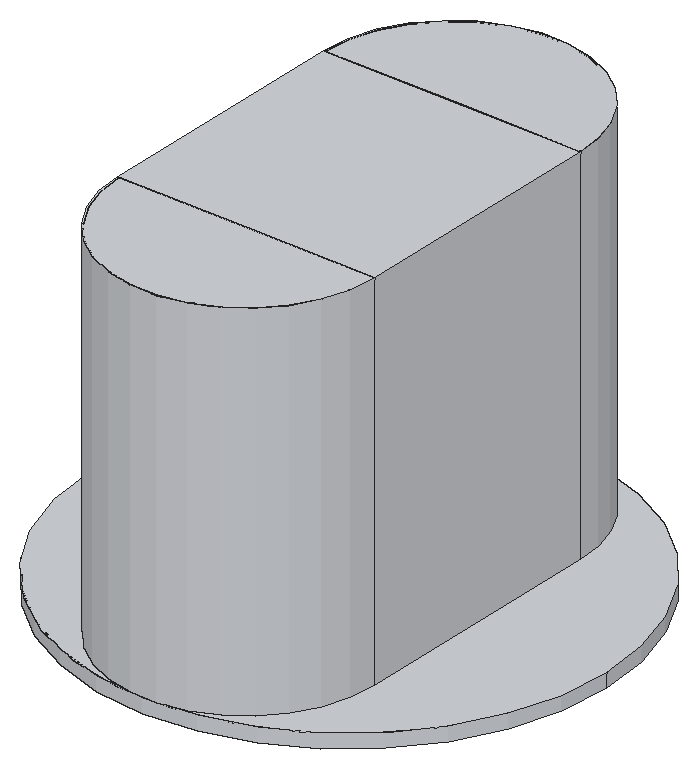
Revit family "KG_D_Anbaulautsprecher_V1700", category Kommunikationsgeräte, Revit 2017
Family settings
  Beschriftungsausrichtung beibehalten = Nein
  Bemaßung runder Anschluss = Durchmesser verwenden
  Teiletyp = Normal
  OmniClass-Nummer = 23.85.50.00
  OmniClass-Titel = Communication Systems
  Arbeitsebenenbasiert = Nein
  Immer vertikal = Ja
  Beim Laden mit Abzugskörper schneiden = Ja
  Gemeinsam genutzt = Nein
  Raumberechnungspunkt = Nein
Parameters (values of type "Trichterlautsprecher")
  pbr_Material_KZ = ""
  pbr_Material = none
  pbr_E_Typ = ""
  pbr_E_KZ = ""
  pbr_DINBild = 0
  pbr_Bild = 0
  pbr_3Dx_Delta_Korrekturversatz [instance] = 0 mm
  pbr_3DX_Versatzfaktor [instance] = 0
  pbr_2DY_Versatzfaktor [instance] = 0
  pbr_2DX_Versatzfaktor [instance] = 0
  lfd_STRK [instance] = 0
  cpiFitMatchKey [instance] = "E-AuV LSD"  # constant formula
  Zentrale [instance] = ""
  YFrontversatz [instance] = if(pbr_2DY_Versatzfaktor = 300, 0 mm, pbr_2DY_Versatzfaktor * 300 mm)  # 0 mm
  XSeitenversatz [instance] = if(pbr_2DX_Versatzfaktor = 0, 3000 mm, 3000 mm + (pbr_2DX_Versatzfaktor * 300 mm)) + Eckversatz  # 3000 mm
  X3Dversatz [instance] = 0 mm
  Typ [instance] = ""
  Trichterlautsprecher = yes
  Text3 [instance] = ""
  Text2 [instance] = ""
  Text1 [instance] = ""
  Planungsbüro Rohling = "www.pbr.de"
  Netzart = ""
  Menge(Dosenzahl) [instance] = 0
  Linie/Anschluss [instance] = ""
  Linie [instance] = ""
  Lautsprecherampel = no
  Lautsprecher abgehängte Decke = no
  Niveau [instance] = 3000 mm
  Lautsprecher Anbau B (SPA) = no
  Lautsprecher Anbau A  (SPA) = no
  Lautsprecher (SPA) = no
  Lastklassifizierung = none
  Installationsart [instance] = ""
  Info [instance] = ""
  Gewerk [instance] = "SPA"
  Eckversatz = 0 mm
  Designlautsprecher = no
  Bus [instance] = ""
  Betriebsstrom ruhe [instance] = 0
  Betriebsstrom max [instance] = 0
  3DX_Versatzkontrolle [instance] = if(pbr_3DX_Versatzfaktor = 0, (pbr_2DX_Versatzfaktor * -1), (((-1 * pbr_3DX_Versatzfaktor) + pbr_2DX_Versatzfaktor) * -1))  # 0
  3DX_Versatz [instance] = 0 mm
Types (7, lengths in mm): name | Trichterlautsprecher | Lautsprecherampel | Lautsprecher abgehängte Decke | Lautsprecher Anbau B (SPA) | Lautsprecher Anbau A  (SPA) | Lautsprecher (SPA) | Designlautsprecher
  Design_Lautsprecher | no | no | no | no | no | no | yes
  Lautsprecher_abgeh_Decke | no | no | yes | no | no | no | no
  Lautsprecherampel | no | yes | no | no | no | no | no
  Trichterlautsprecher | yes | no | no | no | no | no | no
  Lautsprecher | no | no | no | no | no | yes | no
  Lautsprecher_Anbau_A | no | no | no | no | yes | no | no
  Lautsprecher_Anbau_B | no | no | no | yes | no | no | no
Reference planes
  plane 1 "Mitte (Vorne/Hinten)": y = 0
  plane 2: z = 0
  plane 3 "Mitte (Links/Rechts)": x = 0
  plane 4 "Schalterhinten": y = 0
  plane 5: x = -3000
  plane 6: x = 0
  plane 7: x = -2000
  plane 8: z = 3040
  plane 9: z = 2960
  plane 10 "3DSchalterMitte": x = 0
  plane 11 "Niveaulage": z = 3000
  plane 12: z = 3020
  plane 13: z = 2980
Lines and regions (mm)
  model lines, not visible
    curve 1: line (-125, 0, 0) -> (125, 0, 0)
Dimensions and locks
  locked: plane 5 to plane 6 at 3000
  plane 5 to plane 3 "Mitte (Links/Rechts)" = 3000 mm
  locked: plane 1 "Mitte (Vorne/Hinten)" to plane 4 "Schalterhinten"
  plane 8 to plane 9 = 80 mm
  plane 6 to plane 7 = 2000 mm
  locked: plane 10 "3DSchalterMitte" to plane 7 at 2000
  equal spacing: plane 8, plane 11 "Niveaulage", plane 9
  "Niveau": plane 11 "Niveaulage" to level
  plane 8 to plane 12 = 20 mm
  plane 13 to plane 9 = 20 mm
  aligned and locked: level to plane 2
  aligned and locked: curve 1 to plane 4 "Schalterhinten"
  aligned and locked: plane 10 "3DSchalterMitte" to nested 1
  aligned and locked: plane 1 "Mitte (Vorne/Hinten)" to nested 1
  aligned and locked: nested 1 to plane 11 "Niveaulage"
  aligned and locked: plane 3 "Mitte (Links/Rechts)" to nested 2
  aligned and locked: plane 1 "Mitte (Vorne/Hinten)" to nested 2
  aligned and locked: plane 3 "Mitte (Links/Rechts)" to nested 4
  aligned and locked: plane 1 "Mitte (Vorne/Hinten)" to nested 4
  aligned and locked: plane 3 "Mitte (Links/Rechts)" to nested 3
  aligned and locked: plane 1 "Mitte (Vorne/Hinten)" to nested 3
  aligned and locked: plane 3 "Mitte (Links/Rechts)" to nested 5
  aligned and locked: plane 1 "Mitte (Vorne/Hinten)" to nested 5
  aligned and locked: plane 3 "Mitte (Links/Rechts)" to nested 6
  aligned and locked: plane 1 "Mitte (Vorne/Hinten)" to nested 6
  aligned and locked: plane 3 "Mitte (Links/Rechts)" to nested 7
  aligned and locked: plane 1 "Mitte (Vorne/Hinten)" to nested 7
  aligned and locked: plane 3 "Mitte (Links/Rechts)" to nested 8
  aligned and locked: plane 1 "Mitte (Vorne/Hinten)" to nested 8
Automatic sketch dimensions
  plane 3 "Mitte (Links/Rechts)" to curve 1 = 125 mm
  curve 1 to plane 3 "Mitte (Links/Rechts)" = 125 mm
Nested families
  nested 1: "_E_CAx Modell Lautsprecher Deckeneinbau" at (0, 0, 3219), type "_E_CAx Modell Lautsprecher Deckeneinbau"
  nested 2: "Designlautsprecher" at (0, 0, 0), visible <- "Designlautsprecher", type "Designlautsprecher"
  nested 3: "Lautsprecher (ELA)" at (0, 0, 0), visible <- "Lautsprecher (SPA)", type "Lautsprecher (ELA)"
  nested 4: "Einbau-Lautsprecher abgeh Decke" at (0, 0, 0), visible <- "Lautsprecher abgehängte Decke", type "Einbau-Lautsprecher abgeh Decke"
  nested 5: "Lautsprecher Anbau Typ A" at (0, 0, 0), visible <- "Lautsprecher Anbau A  (SPA)", type "Lautsprecher Anbau Typ A"
  nested 6: "Lautsprecher Anbau Typ B" at (0, 0, 0), visible <- "Lautsprecher Anbau B (SPA)", type "Lautsprecher Anbau Typ B"
  nested 7: "Lautsprecherampel" at (0, 0, 0), visible <- "Lautsprecherampel", type "Lautsprecherampel"
  nested 8: "Trichterlautsprecher" at (0, 0, 0), visible <- "Trichterlautsprecher", type "Trichterlautsprecher"
Connectors
  electrical at (0, 0, 3219)
    settings: on nested 1, index 1, voltage 0 V, apparent load 0 VA, apparent load phase1 0 VA, apparent load phase2 0 VA, apparent load phase3 0 VA, power factor 1, load classification "Sonstige", number of poles 1, system type 14, power factor state 1, is connector primary yes, connector utility no, sub classification motor no, connector description ""
Definition of nested family "_E_CAx Modell Lautsprecher Deckeneinbau"
  Reference planes
    plane 1 "Mitte (Vorne/Hinten)": y = 0
    plane 2: z = 0
    plane 3 "Mitte (Links/Rechts)": x = 0
  Forms (mm)
    Extrusion 1, solid
      sketch origin (0, 0, -217) x (1, 0, 0) y (0, 1, 0)
        loop
          circle (0, 0) r 147.5
      from 0 to 8
    Extrusion 2, solid
      sketch origin (0, 0, -219) x (1, 0, 0) y (0, 1, 0)
        loop
          circle (0, 0) r 118
      from 0 to 2
    Extrusion 3, solid
      sketch origin (-73.75, -73.75, 0) x (0, 1, 0) y (0, 0, 1)
        loop
          line (0, 0) -> (0, -209) -> (147.5, -209) -> (147.5, 0) -> (0, 0)
      from 0 to 147.5
    Extrusion 4, solid
      sketch origin (73.75, 73.75, 0) x (1, 0, 0) y (0, 1, 0)
        loop
          arc (0, 0) -> (-73.75, 73.75) -> (-147.5, 0) r 73.75
          line (-147.5, 0) -> (-73.75, 0) -> (0, 0)
      from -0.1 to 0.1
    Extrusion 5, solid
      sketch origin (-73.75, -73.75, 0) x (1, 0, 0) y (0, 1, 0)
        loop
          arc (0, 0) -> (73.75, -73.75) -> (147.5, 0) r 73.75
          line (147.5, 0) -> (73.75, 0) -> (0, 0)
      from -0.1 to 0.1
    Extrusion 6, solid
      sketch origin (73.75, 73.75, -209) x (1, 0, 0) y (0, 1, 0)
        loop
          arc (0, 0) -> (-73.75, 73.75) -> (-147.5, 0) r 73.75
          line (-147.5, 0) -> (-146.7, 0)
          arc (-146.7, 0) -> (-73.75, 72.95) -> (-0.8, 0) r 72.95
          line (-0.8, 0) -> (0, 0)
      from 0 to 209
    Extrusion 7, solid
      sketch origin (-73.75, -73.75, -209) x (1, 0, 0) y (0, 1, 0)
        loop
          arc (0, 0) -> (73.75, -73.75) -> (147.5, 0) r 73.75
          line (147.5, 0) -> (146.7, 0)
          arc (146.7, 0) -> (73.75, -72.95) -> (0.8, 0) r 72.95
          line (0.8, 0) -> (0, 0)
      from 0 to 209
  Lines and regions (mm)
    model lines
      curve 1: arc (73.75, 73.75, -209) -> (0, 147.5, -209) -> (-73.75, 73.75, -209) r 73.75
      curve 2: arc (-72.95, 73.75, -209) -> (0, 146.7, -209) -> (72.95, 73.75, -209) r 72.95
      curve 3: line (-73.75, 73.75, -209) -> (-72.95, 73.75, -209)
      curve 4: line (72.95, 73.75, -209) -> (73.75, 73.75, -209)
      curve 5: arc (-73.75, -73.75, -209) -> (0, -147.5, -209) -> (73.75, -73.75, -209) r 73.75
      curve 6: arc (72.95, -73.75, -209) -> (0, -146.7, -209) -> (-72.95, -73.75, -209) r 72.95
      curve 7: line (73.75, -73.75, -209) -> (72.95, -73.75, -209)
      curve 8: line (-72.95, -73.75, -209) -> (-73.75, -73.75, -209)
  Dimensions and locks
    aligned and locked: level to plane 2
Definition of nested family "Designlautsprecher"
  Parameters (values of type "Designlautsprecher")
    Lautsprecher = yes
    Design-Lautsprecher = yes
    Anbau-Lautsprecher Typ A = yes
  Reference planes
    plane 1 "Mitte (Vorne/Hinten)": y = 0
    plane 2: z = 0
    plane 3 "Mitte (Links/Rechts)": x = 0
  Lines and regions (mm)
    detail lines, in view "Referenzebene", visible <- "Lautsprecher"
      curve 1: line (0.277, 53.896, 0) -> (115.477, 53.896, 0)
      curve 2: line (115.477, 53.896, 0) -> (115.477, -61.304, 0)
      curve 3: line (115.477, -61.304, 0) -> (0.277, -61.304, 0)
      curve 4: line (0.277, -61.304, 0) -> (0.277, 53.896, 0)
      curve 5: line (115.477, 53.896, 0) -> (312.141, 127.539, 0)
      curve 6: line (312.141, 127.539, 0) -> (312.13, -134.977, 0)
      curve 7: line (312.13, -134.977, 0) -> (115.477, -61.304, 0)
    detail lines, in view "Referenzebene", visible <- "Design-Lautsprecher"
      curve 8: line (312.138, 53.896, 0) -> (115.477, -61.304, 0)
      curve 9: line (115.477, 53.896, 0) -> (312.133, -61.304, 0)
Definition of nested family "Lautsprecher (ELA)"
  Parameters (values of type "Lautsprecher (ELA)")
    Lautsprecher = yes
    Design-Lautsprecher = yes
    Anbau-Lautsprecher Typ A = yes
  Reference planes
    plane 1 "Mitte (Vorne/Hinten)": y = 0
    plane 2: z = 0
    plane 3 "Mitte (Links/Rechts)": x = 0
  Lines and regions (mm)
    detail lines, in view "Referenzebene", visible <- "Lautsprecher"
      curve 1: line (1.169, 58.368, 0) -> (116.369, 58.368, 0)
      curve 2: line (116.369, 58.368, 0) -> (116.369, -56.832, 0)
      curve 3: line (116.369, -56.832, 0) -> (1.169, -56.832, 0)
      curve 4: line (1.169, -56.832, 0) -> (1.169, 58.368, 0)
      curve 5: line (116.369, 58.368, 0) -> (313.033, 132.011, 0)
      curve 6: line (313.033, 132.011, 0) -> (313.022, -130.505, 0)
      curve 7: line (313.022, -130.505, 0) -> (116.369, -56.832, 0)
Definition of nested family "Einbau-Lautsprecher abgeh Decke"
  Reference planes
    plane 1 "Mitte (Vorne/Hinten)": y = 0
    plane 2: z = 0
    plane 3 "Mitte (Links/Rechts)": x = 0
  Lines and regions (mm)
    detail lines, in view "Referenzebene"
      curve 1: circle (0.763, 5, 0) r 200 normal (0, 0, 1)
      curve 2: line (-168.742, 62.6, 0) -> (-53.542, 62.6, 0)
      curve 3: line (-53.542, 62.6, 0) -> (-53.542, -52.6, 0)
      curve 4: line (-53.542, -52.6, 0) -> (-168.742, -52.6, 0)
      curve 5: line (-168.742, -52.6, 0) -> (-168.742, 62.6, 0)
      curve 6: line (-53.542, 62.6, 0) -> (143.122, 136.243, 0)
      curve 7: line (143.122, 136.243, 0) -> (143.122, -126.273, 0)
      curve 8: line (143.122, -126.273, 0) -> (-53.542, -52.6, 0)
Definition of nested family "Lautsprecher Anbau Typ A"
  Parameters (values of type "Lautsprecher Anbau Typ A")
    Anbau-Lautsprecher Typ A = yes
  Reference planes
    plane 1 "Mitte (Vorne/Hinten)": y = 0
    plane 2: z = 0
    plane 3 "Mitte (Links/Rechts)": x = 0
  Lines and regions (mm)
    detail lines, in view "Referenzebene", visible <- "Anbau-Lautsprecher Typ A"
      curve 1: line (124.048, 39.267, 0) -> (110.497, 0, 0)
      curve 2: line (110.497, 0, 0) -> (0, 0, 0)
      curve 3: line (0, 0, 0) -> (0, 82.427, 0)
      curve 4: line (93.794, 66.095, 0) -> (147.45, 126.601, 0)
      curve 5: line (147.45, 126.601, 0) -> (207.957, 72.946, 0)
      curve 6: line (207.957, 72.946, 0) -> (154.301, 12.439, 0)
      curve 7: line (154.301, 12.439, 0) -> (93.794, 66.095, 0)
      curve 8: line (147.45, 126.601, 0) -> (200.369, 264.196, 0)
      curve 9: line (200.369, 264.196, 0) -> (338.246, 141.92, 0)
      curve 10: line (338.246, 141.92, 0) -> (207.957, 72.946, 0)
Definition of nested family "Lautsprecher Anbau Typ B"
  Parameters (values of type "Lautsprecher Anbau Typ B")
    Anbau-Lautsprecher Typ A = yes
  Reference planes
    plane 1 "Mitte (Vorne/Hinten)": y = 0
    plane 2: z = 0
    plane 3 "Mitte (Links/Rechts)": x = 0
  Lines and regions (mm)
    detail lines, in view "Referenzebene", visible <- "Anbau-Lautsprecher Typ A"
      curve 1: line (0, 0, 0) -> (0, 82.427, 0)
      curve 2: line (-124.048, 39.267, 0) -> (-110.497, 0, 0)
      curve 3: line (-110.497, 0, 0) -> (0, 0, 0)
      curve 4: line (-93.794, 66.095, 0) -> (-147.45, 126.601, 0)
      curve 5: line (-147.45, 126.601, 0) -> (-207.957, 72.946, 0)
      curve 6: line (-207.957, 72.946, 0) -> (-154.301, 12.439, 0)
      curve 7: line (-154.301, 12.439, 0) -> (-93.794, 66.095, 0)
      curve 8: line (-147.45, 126.601, 0) -> (-200.369, 264.196, 0)
      curve 9: line (-200.369, 264.196, 0) -> (-338.246, 141.92, 0)
      curve 10: line (-338.246, 141.92, 0) -> (-207.957, 72.946, 0)
Definition of nested family "Lautsprecherampel"
  Parameters (values of type "Lautsprecherampel")
    Lautsprecherampel = yes
    Lautsprecher = yes
    Design-Lautsprecher = yes
    Anbau-Lautsprecher Typ A = yes
  Reference planes
    plane 1 "Mitte (Vorne/Hinten)": y = 0
    plane 2: z = 0
    plane 3 "Mitte (Links/Rechts)": x = 0
  Lines and regions (mm)
    detail lines, in view "Referenzebene", visible <- "Lautsprecherampel"
      curve 1: arc (-30.372, 20.838, 0) -> (-21.773, -30.761, 0) -> (29.827, -22.161, 0) r 36.99
      curve 2: arc (29.827, -22.161, 0) -> (21.227, 29.438, 0) -> (-30.372, 20.838, 0) r 36.99
      curve 3: line (29.827, 20.838, 0) -> (191.68, 63.838, 0)
      curve 4: line (191.68, 63.838, 0) -> (191.68, -65.161, 0)
      curve 5: line (191.68, -65.161, 0) -> (29.827, -22.161, 0)
      curve 6: line (-30.372, 20.838, 0) -> (-192.226, 63.838, 0)
      curve 7: line (-192.226, 63.838, 0) -> (-192.226, -65.161, 0)
      curve 8: line (-192.226, -65.161, 0) -> (-30.372, -22.161, 0)
      curve 9: line (21.227, -30.761, 0) -> (64.226, -192.614, 0)
      curve 10: line (64.226, -192.614, 0) -> (-64.772, -192.614, 0)
      curve 11: line (-64.772, -192.614, 0) -> (-21.773, -30.761, 0)
      curve 12: line (21.227, 29.438, 0) -> (64.226, 191.291, 0)
      curve 13: line (64.226, 191.291, 0) -> (-64.772, 191.291, 0)
      curve 14: line (-64.772, 191.291, 0) -> (-21.773, 29.438, 0)
Definition of nested family "Trichterlautsprecher"
  Parameters (values of type "Trichterlautsprecher")
    Trichterlautsprecher = yes
    Lautsprecherampel = yes
    Lautsprecher = yes
    Design-Lautsprecher = yes
    Anbau-Lautsprecher Typ A = yes
  Reference planes
    plane 1 "Mitte (Vorne/Hinten)": y = 0
    plane 2: z = 0
    plane 3 "Mitte (Links/Rechts)": x = 0
  Lines and regions (mm)
    detail lines, in view "Referenzebene", visible <- "Lautsprecher"
      curve 1: line (-0.028, 56.74, 0) -> (115.172, 56.74, 0)
      curve 2: line (115.172, 56.74, 0) -> (115.172, -58.46, 0)
      curve 3: line (115.172, -58.46, 0) -> (-0.028, -58.46, 0)
      curve 4: line (-0.028, -58.46, 0) -> (-0.028, 56.74, 0)
      curve 5: line (115.172, 56.74, 0) -> (311.836, 130.383, 0)
      curve 6: line (311.836, 130.383, 0) -> (311.825, -132.133, 0)
      curve 7: line (311.825, -132.133, 0) -> (115.172, -58.46, 0)
    detail lines, in view "Referenzebene", visible <- "Trichterlautsprecher"
      curve 8: arc (311.832, 29.125, 0) -> (341.83, -0.876, 0) -> (311.829, -30.875, 0) r 30
